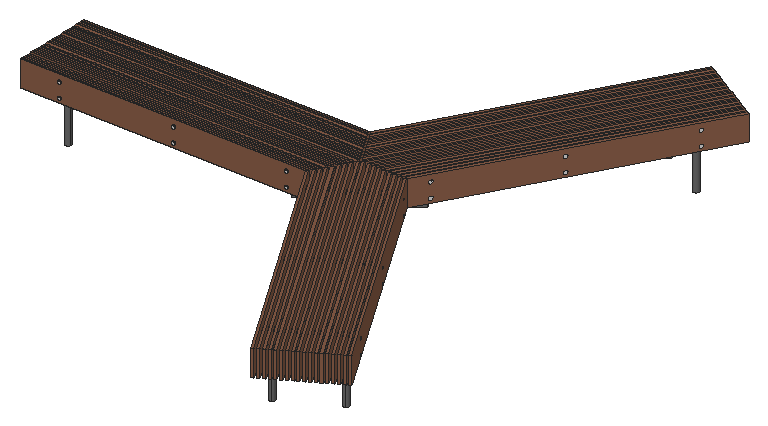
Revit family "FS_Скамейка_Линия трехлучевая_R16", category Антураж, Revit 2016
Family settings
  На основе рабочей плоскости = Нет
  Всегда вертикально = Да
  При загрузке вырезать с полостями = Нет
  Источник визуального образа = Геометрия семейства
  Общий = Нет
  Точка расчета площади = Нет
Parameters (values of type "Скамейка «Линия трехлучевая»")
  Стоимость = 148790
  Комментарии к типоразмеру = "Материал: сталь, брус"  # constant formula
  Изготовитель = "ООО 'Хоббика'"  # constant formula
  Высота = 0 mm  # constant formula
  URL = "https://hobbyka.ru/product/skameyka_liniya_trekhluchevaya/?sphrase_id=96776"
  ADSK_Размер_Ширина = 530 mm  # constant formula
  ADSK_Размер_Длина = 3788 mm  # constant formula
  ADSK_Размер_Высота = 440 mm  # constant formula
  ADSK_Наименование = "Скамейка «Линия трехлучевая»"
  ADSK_Материал опоры = FS_Сталь
  ADSK_Материал крепления = FS_Цинк
  ADSK_Материал доски = FS_Древесина
  ADSK_Код изделия = "12777"  # constant formula
Reference planes
  plane 1 "По центру (Вперед/Назад)": y = 0
  plane 2: z = 0
  plane 3 "По центру (Влево/Вправо)": x = 0
  plane 4: through (0, 0, 1200) normal (-0.866, 0.5, 0)
  plane 5: through (0, 0, 1200) normal (0.866, 0.5, 0)
  plane 6: y = -265
  plane 7: y = 265
  plane 8: through (-229.497, 132.5, 1200) normal (-0.866, 0.5, 0)
  plane 9: through (229.497, -132.5, 1200) normal (-0.866, 0.5, 0)
  plane 10: through (229.497, 132.5, 1200) normal (0.866, 0.5, 0)
  plane 11: through (-229.497, -132.5, 1200) normal (0.866, 0.5, 0)
  plane 12: x = -2035
  plane 13: through (1537.115, 1462.362, 1200) normal (-0.5, -0.866, 0)
  plane 14: through (497.885, -2062.362, 1200) normal (-0.5, 0.866, 0)
  plane 15: through (1407.115, 1237.195, 1200) normal (-0.5, -0.866, 0)
  plane 16: through (367.885, -1837.195, 1200) normal (-0.5, 0.866, 0)
  plane 17: x = -1775
  plane 18: z = 270
  plane 19: z = 440
  plane 20: y = 0
  plane 21: x = -1025
Forms (mm)
  Extrusion 1, solid, material "FS_Сталь" <- "ADSK_Материал опоры"
    sketch origin (0, 0, 270) x (-1, 0, 0) y (0, -1, 0)
      loop
        line (1800, -247) -> (1800, -233) -> (1750, -233) -> (1750, -247) -> (1800, -247)
    from 0 to 145
  Extrusion 2, solid, material "FS_Сталь" <- "ADSK_Материал опоры"
    sketch origin (0, -30, 270) x (-1, 0, 0) y (0, -1, 0)
      loop
        line (1800, -247) -> (1800, -233) -> (1750, -233) -> (1750, -247) -> (1800, -247)
    from 0 to 145
  Extrusion 3, solid, material "FS_Сталь" <- "ADSK_Материал опоры"
    sketch origin (0, -60, 270) x (-1, 0, 0) y (0, -1, 0)
      loop
        line (1800, -247) -> (1800, -233) -> (1750, -233) -> (1750, -247) -> (1800, -247)
    from 0 to 145
  Extrusion 4, solid, material "FS_Сталь" <- "ADSK_Материал опоры"
    sketch origin (0, -90, 270) x (-1, 0, 0) y (0, -1, 0)
      loop
        line (1800, -247) -> (1800, -233) -> (1750, -233) -> (1750, -247) -> (1800, -247)
    from 0 to 145
  Extrusion 5, solid, material "FS_Сталь" <- "ADSK_Материал опоры"
    sketch origin (0, -120, 270) x (-1, 0, 0) y (0, -1, 0)
      loop
        line (1800, -247) -> (1800, -233) -> (1750, -233) -> (1750, -247) -> (1800, -247)
    from 0 to 145
  Extrusion 6, solid, material "FS_Сталь" <- "ADSK_Материал опоры"
    sketch origin (0, -150, 270) x (-1, 0, 0) y (0, -1, 0)
      loop
        line (1800, -247) -> (1800, -233) -> (1750, -233) -> (1750, -247) -> (1800, -247)
    from 0 to 145
  Extrusion 7, solid, material "FS_Сталь" <- "ADSK_Материал опоры"
    sketch origin (0, -180, 270) x (-1, 0, 0) y (0, -1, 0)
      loop
        line (1800, -247) -> (1800, -233) -> (1750, -233) -> (1750, -247) -> (1800, -247)
    from 0 to 145
  Extrusion 8, solid, material "FS_Сталь" <- "ADSK_Материал опоры"
    sketch origin (0, -210, 270) x (-1, 0, 0) y (0, -1, 0)
      loop
        line (1800, -247) -> (1800, -233) -> (1750, -233) -> (1750, -247) -> (1800, -247)
    from 0 to 145
  Extrusion 9, solid, material "FS_Сталь" <- "ADSK_Материал опоры"
    sketch origin (0, -240, 270) x (-1, 0, 0) y (0, -1, 0)
      loop
        line (1800, -247) -> (1800, -233) -> (1750, -233) -> (1750, -247) -> (1800, -247)
    from 0 to 145
  Extrusion 10, solid, material "FS_Сталь" <- "ADSK_Материал опоры"
    sketch origin (0, -270, 270) x (-1, 0, 0) y (0, -1, 0)
      loop
        line (1800, -247) -> (1800, -233) -> (1750, -233) -> (1750, -247) -> (1800, -247)
    from 0 to 145
  Extrusion 11, solid, material "FS_Сталь" <- "ADSK_Материал опоры"
    sketch origin (0, -300, 270) x (-1, 0, 0) y (0, -1, 0)
      loop
        line (1800, -247) -> (1800, -233) -> (1750, -233) -> (1750, -247) -> (1800, -247)
    from 0 to 145
  Extrusion 12, solid, material "FS_Сталь" <- "ADSK_Материал опоры"
    sketch origin (0, -330, 270) x (-1, 0, 0) y (0, -1, 0)
      loop
        line (1800, -247) -> (1800, -233) -> (1750, -233) -> (1750, -247) -> (1800, -247)
    from 0 to 145
  Extrusion 13, solid, material "FS_Сталь" <- "ADSK_Материал опоры"
    sketch origin (0, -360, 270) x (-1, 0, 0) y (0, -1, 0)
      loop
        line (1800, -247) -> (1800, -233) -> (1750, -233) -> (1750, -247) -> (1800, -247)
    from 0 to 145
  Extrusion 14, solid, material "FS_Сталь" <- "ADSK_Материал опоры"
    sketch origin (0, -390, 270) x (-1, 0, 0) y (0, -1, 0)
      loop
        line (1800, -247) -> (1800, -233) -> (1750, -233) -> (1750, -247) -> (1800, -247)
    from 0 to 145
  Extrusion 15, solid, material "FS_Сталь" <- "ADSK_Материал опоры"
    sketch origin (0, -420, 270) x (-1, 0, 0) y (0, -1, 0)
      loop
        line (1800, -247) -> (1800, -233) -> (1750, -233) -> (1750, -247) -> (1800, -247)
    from 0 to 145
  Extrusion 16, solid, material "FS_Сталь" <- "ADSK_Материал опоры"
    sketch origin (0, -450, 270) x (-1, 0, 0) y (0, -1, 0)
      loop
        line (1800, -247) -> (1800, -233) -> (1750, -233) -> (1750, -247) -> (1800, -247)
    from 0 to 145
  Extrusion 17, solid, material "FS_Сталь" <- "ADSK_Материал опоры"
    sketch origin (0, -480, 270) x (-1, 0, 0) y (0, -1, 0)
      loop
        line (1800, -247) -> (1800, -233) -> (1750, -233) -> (1750, -247) -> (1800, -247)
    from 0 to 145
  Extrusion 18, solid, material "FS_Сталь" <- "ADSK_Материал опоры"
    sketch origin (750, 0, 270) x (-1, 0, 0) y (0, -1, 0)
      loop
        line (1800, -247) -> (1800, -233) -> (1750, -233) -> (1750, -247) -> (1800, -247)
    from 0 to 145
  Extrusion 19, solid, material "FS_Сталь" <- "ADSK_Материал опоры"
    sketch origin (750, -30, 270) x (-1, 0, 0) y (0, -1, 0)
      loop
        line (1800, -247) -> (1800, -233) -> (1750, -233) -> (1750, -247) -> (1800, -247)
    from 0 to 145
  Extrusion 20, solid, material "FS_Сталь" <- "ADSK_Материал опоры"
    sketch origin (750, -60, 270) x (-1, 0, 0) y (0, -1, 0)
      loop
        line (1800, -247) -> (1800, -233) -> (1750, -233) -> (1750, -247) -> (1800, -247)
    from 0 to 145
  Extrusion 21, solid, material "FS_Сталь" <- "ADSK_Материал опоры"
    sketch origin (750, -90, 270) x (-1, 0, 0) y (0, -1, 0)
      loop
        line (1800, -247) -> (1800, -233) -> (1750, -233) -> (1750, -247) -> (1800, -247)
    from 0 to 145
  Extrusion 22, solid, material "FS_Сталь" <- "ADSK_Материал опоры"
    sketch origin (750, -120, 270) x (-1, 0, 0) y (0, -1, 0)
      loop
        line (1800, -247) -> (1800, -233) -> (1750, -233) -> (1750, -247) -> (1800, -247)
    from 0 to 145
  Extrusion 23, solid, material "FS_Сталь" <- "ADSK_Материал опоры"
    sketch origin (750, -150, 270) x (-1, 0, 0) y (0, -1, 0)
      loop
        line (1800, -247) -> (1800, -233) -> (1750, -233) -> (1750, -247) -> (1800, -247)
    from 0 to 145
  Extrusion 24, solid, material "FS_Сталь" <- "ADSK_Материал опоры"
    sketch origin (750, -180, 270) x (-1, 0, 0) y (0, -1, 0)
      loop
        line (1800, -247) -> (1800, -233) -> (1750, -233) -> (1750, -247) -> (1800, -247)
    from 0 to 145
  Extrusion 25, solid, material "FS_Сталь" <- "ADSK_Материал опоры"
    sketch origin (750, -210, 270) x (-1, 0, 0) y (0, -1, 0)
      loop
        line (1800, -247) -> (1800, -233) -> (1750, -233) -> (1750, -247) -> (1800, -247)
    from 0 to 145
  Extrusion 26, solid, material "FS_Сталь" <- "ADSK_Материал опоры"
    sketch origin (750, -240, 270) x (-1, 0, 0) y (0, -1, 0)
      loop
        line (1800, -247) -> (1800, -233) -> (1750, -233) -> (1750, -247) -> (1800, -247)
    from 0 to 145
  Extrusion 27, solid, material "FS_Сталь" <- "ADSK_Материал опоры"
    sketch origin (750, -270, 270) x (-1, 0, 0) y (0, -1, 0)
      loop
        line (1800, -247) -> (1800, -233) -> (1750, -233) -> (1750, -247) -> (1800, -247)
    from 0 to 145
  Extrusion 28, solid, material "FS_Сталь" <- "ADSK_Материал опоры"
    sketch origin (750, -300, 270) x (-1, 0, 0) y (0, -1, 0)
      loop
        line (1800, -247) -> (1800, -233) -> (1750, -233) -> (1750, -247) -> (1800, -247)
    from 0 to 145
  Extrusion 29, solid, material "FS_Сталь" <- "ADSK_Материал опоры"
    sketch origin (750, -330, 270) x (-1, 0, 0) y (0, -1, 0)
      loop
        line (1800, -247) -> (1800, -233) -> (1750, -233) -> (1750, -247) -> (1800, -247)
    from 0 to 145
  Extrusion 30, solid, material "FS_Сталь" <- "ADSK_Материал опоры"
    sketch origin (750, -360, 270) x (-1, 0, 0) y (0, -1, 0)
      loop
        line (1800, -247) -> (1800, -233) -> (1750, -233) -> (1750, -247) -> (1800, -247)
    from 0 to 145
  Extrusion 31, solid, material "FS_Сталь" <- "ADSK_Материал опоры"
    sketch origin (750, -390, 270) x (-1, 0, 0) y (0, -1, 0)
      loop
        line (1800, -247) -> (1800, -233) -> (1750, -233) -> (1750, -247) -> (1800, -247)
    from 0 to 145
  Extrusion 32, solid, material "FS_Сталь" <- "ADSK_Материал опоры"
    sketch origin (750, -420, 270) x (-1, 0, 0) y (0, -1, 0)
      loop
        line (1800, -247) -> (1800, -233) -> (1750, -233) -> (1750, -247) -> (1800, -247)
    from 0 to 145
  Extrusion 33, solid, material "FS_Сталь" <- "ADSK_Материал опоры"
    sketch origin (750, -450, 270) x (-1, 0, 0) y (0, -1, 0)
      loop
        line (1800, -247) -> (1800, -233) -> (1750, -233) -> (1750, -247) -> (1800, -247)
    from 0 to 145
  Extrusion 34, solid, material "FS_Сталь" <- "ADSK_Материал опоры"
    sketch origin (750, -480, 270) x (-1, 0, 0) y (0, -1, 0)
      loop
        line (1800, -247) -> (1800, -233) -> (1750, -233) -> (1750, -247) -> (1800, -247)
    from 0 to 145
  Extrusion 35, solid, material "FS_Сталь" <- "ADSK_Материал опоры"
    sketch origin (1495, 0, 270) x (-1, 0, 0) y (0, -1, 0)
      loop
        line (1800, -247) -> (1800, -233) -> (1750, -233) -> (1750, -247) -> (1800, -247)
    from 0 to 145
  Extrusion 36, solid, material "FS_Сталь" <- "ADSK_Материал опоры"
    sketch origin (1495, -30, 270) x (-1, 0, 0) y (0, -1, 0)
      loop
        line (1800, -247) -> (1800, -233) -> (1750, -233) -> (1750, -247) -> (1800, -247)
    from 0 to 145
  Extrusion 37, solid, material "FS_Сталь" <- "ADSK_Материал опоры"
    sketch origin (1495, -60, 270) x (-1, 0, 0) y (0, -1, 0)
      loop
        line (1800, -247) -> (1800, -233) -> (1750, -233) -> (1750, -247) -> (1800, -247)
    from 0 to 145
  Extrusion 38, solid, material "FS_Сталь" <- "ADSK_Материал опоры"
    sketch origin (1495, -90, 270) x (-1, 0, 0) y (0, -1, 0)
      loop
        line (1800, -247) -> (1800, -233) -> (1750, -233) -> (1750, -247) -> (1800, -247)
    from 0 to 145
  Extrusion 39, solid, material "FS_Сталь" <- "ADSK_Материал опоры"
    sketch origin (1495, -120, 270) x (-1, 0, 0) y (0, -1, 0)
      loop
        line (1800, -247) -> (1800, -233) -> (1750, -233) -> (1750, -247) -> (1800, -247)
    from 0 to 145
  Extrusion 40, solid, material "FS_Сталь" <- "ADSK_Материал опоры"
    sketch origin (1495, -150, 270) x (-1, 0, 0) y (0, -1, 0)
      loop
        line (1800, -247) -> (1800, -233) -> (1750, -233) -> (1750, -247) -> (1800, -247)
    from 0 to 145
  Extrusion 41, solid, material "FS_Сталь" <- "ADSK_Материал опоры"
    sketch origin (1495, -180, 270) x (-1, 0, 0) y (0, -1, 0)
      loop
        line (1800, -247) -> (1800, -233) -> (1750, -233) -> (1750, -247) -> (1800, -247)
    from 0 to 145
  Extrusion 42, solid, material "FS_Сталь" <- "ADSK_Материал опоры"
    sketch origin (1495, -210, 270) x (-1, 0, 0) y (0, -1, 0)
      loop
        line (1800, -247) -> (1800, -233) -> (1750, -233) -> (1750, -247) -> (1800, -247)
    from 0 to 145
  Extrusion 43, solid, material "FS_Сталь" <- "ADSK_Материал опоры"
    sketch origin (1495, -240, 270) x (-1, 0, 0) y (0, -1, 0)
      loop
        line (1800, -247) -> (1800, -233) -> (1750, -233) -> (1750, -247) -> (1800, -247)
    from 0 to 145
  Extrusion 44, solid, material "FS_Сталь" <- "ADSK_Материал опоры"
    sketch origin (1495, -270, 270) x (-1, 0, 0) y (0, -1, 0)
      loop
        line (1800, -247) -> (1800, -233) -> (1750, -233) -> (1750, -247) -> (1800, -247)
    from 0 to 145
  Extrusion 45, solid, material "FS_Сталь" <- "ADSK_Материал опоры"
    sketch origin (1495, -300, 270) x (-1, 0, 0) y (0, -1, 0)
      loop
        line (1800, -247) -> (1800, -233) -> (1750, -233) -> (1750, -247) -> (1800, -247)
    from 0 to 145
  Extrusion 46, solid, material "FS_Сталь" <- "ADSK_Материал опоры"
    sketch origin (1495, -330, 270) x (-1, 0, 0) y (0, -1, 0)
      loop
        line (1800, -247) -> (1800, -233) -> (1750, -233) -> (1750, -247) -> (1800, -247)
    from 0 to 145
  Extrusion 47, solid, material "FS_Сталь" <- "ADSK_Материал опоры"
    sketch origin (1495, -360, 270) x (-1, 0, 0) y (0, -1, 0)
      loop
        line (1800, -247) -> (1800, -233) -> (1750, -233) -> (1750, -247) -> (1800, -247)
    from 0 to 145
  Extrusion 48, solid, material "FS_Сталь" <- "ADSK_Материал опоры"
    sketch origin (1495, -390, 270) x (-1, 0, 0) y (0, -1, 0)
      loop
        line (1800, -247) -> (1800, -233) -> (1750, -233) -> (1750, -247) -> (1800, -247)
    from 0 to 145
  Extrusion 49, solid, material "FS_Сталь" <- "ADSK_Материал опоры"
    sketch origin (1495, -420, 270) x (-1, 0, 0) y (0, -1, 0)
      loop
        line (1800, -247) -> (1800, -233) -> (1750, -233) -> (1750, -247) -> (1800, -247)
    from 0 to 145
  Extrusion 50, solid, material "FS_Сталь" <- "ADSK_Материал опоры"
    sketch origin (1495, -450, 270) x (-1, 0, 0) y (0, -1, 0)
      loop
        line (1800, -247) -> (1800, -233) -> (1750, -233) -> (1750, -247) -> (1800, -247)
    from 0 to 145
  Extrusion 51, solid, material "FS_Сталь" <- "ADSK_Материал опоры"
    sketch origin (1495, -480, 270) x (-1, 0, 0) y (0, -1, 0)
      loop
        line (1800, -247) -> (1800, -233) -> (1750, -233) -> (1750, -247) -> (1800, -247)
    from 0 to 145
  Extrusion 52, solid, material "FS_Сталь" <- "ADSK_Материал опоры", not visible
    sketch origin (0, 0, 270) x (-1, 0, 0) y (0, -1, 0)
      loop
        line (1800, -247) -> (1800, -233) -> (1750, -233) -> (1750, -247) -> (1800, -247)
    from 0 to 145
  Extrusion 53, solid, material "FS_Сталь" <- "ADSK_Материал опоры"
    sketch origin (0, 0, 270) x (0.5, 0.866025, 0) y (-0.866025, 0.5, 0)
      loop
        line (1800, -247) -> (1800, -233) -> (1750, -233) -> (1750, -247) -> (1800, -247)
    from 0 to 145
  Extrusion 54, solid, material "FS_Сталь" <- "ADSK_Материал опоры"
    sketch origin (-25.981, 15, 270) x (0.5, 0.866025, 0) y (-0.866025, 0.5, 0)
      loop
        line (1800, -247) -> (1800, -233) -> (1750, -233) -> (1750, -247) -> (1800, -247)
    from 0 to 145
  Extrusion 55, solid, material "FS_Сталь" <- "ADSK_Материал опоры"
    sketch origin (-51.962, 30, 270) x (0.5, 0.866025, 0) y (-0.866025, 0.5, 0)
      loop
        line (1800, -247) -> (1800, -233) -> (1750, -233) -> (1750, -247) -> (1800, -247)
    from 0 to 145
  Extrusion 56, solid, material "FS_Сталь" <- "ADSK_Материал опоры"
    sketch origin (-77.942, 45, 270) x (0.5, 0.866025, 0) y (-0.866025, 0.5, 0)
      loop
        line (1800, -247) -> (1800, -233) -> (1750, -233) -> (1750, -247) -> (1800, -247)
    from 0 to 145
  Extrusion 57, solid, material "FS_Сталь" <- "ADSK_Материал опоры"
    sketch origin (-103.923, 60, 270) x (0.5, 0.866025, 0) y (-0.866025, 0.5, 0)
      loop
        line (1800, -247) -> (1800, -233) -> (1750, -233) -> (1750, -247) -> (1800, -247)
    from 0 to 145
  Extrusion 58, solid, material "FS_Сталь" <- "ADSK_Материал опоры"
    sketch origin (-129.904, 75, 270) x (0.5, 0.866025, 0) y (-0.866025, 0.5, 0)
      loop
        line (1800, -247) -> (1800, -233) -> (1750, -233) -> (1750, -247) -> (1800, -247)
    from 0 to 145
  Extrusion 59, solid, material "FS_Сталь" <- "ADSK_Материал опоры"
    sketch origin (-155.885, 90, 270) x (0.5, 0.866025, 0) y (-0.866025, 0.5, 0)
      loop
        line (1800, -247) -> (1800, -233) -> (1750, -233) -> (1750, -247) -> (1800, -247)
    from 0 to 145
  Extrusion 60, solid, material "FS_Сталь" <- "ADSK_Материал опоры"
    sketch origin (-181.865, 105, 270) x (0.5, 0.866025, 0) y (-0.866025, 0.5, 0)
      loop
        line (1800, -247) -> (1800, -233) -> (1750, -233) -> (1750, -247) -> (1800, -247)
    from 0 to 145
  Extrusion 61, solid, material "FS_Сталь" <- "ADSK_Материал опоры"
    sketch origin (-207.846, 120, 270) x (0.5, 0.866025, 0) y (-0.866025, 0.5, 0)
      loop
        line (1800, -247) -> (1800, -233) -> (1750, -233) -> (1750, -247) -> (1800, -247)
    from 0 to 145
  Extrusion 62, solid, material "FS_Сталь" <- "ADSK_Материал опоры"
    sketch origin (-233.827, 135, 270) x (0.5, 0.866025, 0) y (-0.866025, 0.5, 0)
      loop
        line (1800, -247) -> (1800, -233) -> (1750, -233) -> (1750, -247) -> (1800, -247)
    from 0 to 145
  Extrusion 63, solid, material "FS_Сталь" <- "ADSK_Материал опоры"
    sketch origin (-259.808, 150, 270) x (0.5, 0.866025, 0) y (-0.866025, 0.5, 0)
      loop
        line (1800, -247) -> (1800, -233) -> (1750, -233) -> (1750, -247) -> (1800, -247)
    from 0 to 145
  Extrusion 64, solid, material "FS_Сталь" <- "ADSK_Материал опоры"
    sketch origin (-285.788, 165, 270) x (0.5, 0.866025, 0) y (-0.866025, 0.5, 0)
      loop
        line (1800, -247) -> (1800, -233) -> (1750, -233) -> (1750, -247) -> (1800, -247)
    from 0 to 145
  Extrusion 65, solid, material "FS_Сталь" <- "ADSK_Материал опоры"
    sketch origin (-311.769, 180, 270) x (0.5, 0.866025, 0) y (-0.866025, 0.5, 0)
      loop
        line (1800, -247) -> (1800, -233) -> (1750, -233) -> (1750, -247) -> (1800, -247)
    from 0 to 145
  Extrusion 66, solid, material "FS_Сталь" <- "ADSK_Материал опоры"
    sketch origin (-337.75, 195, 270) x (0.5, 0.866025, 0) y (-0.866025, 0.5, 0)
      loop
        line (1800, -247) -> (1800, -233) -> (1750, -233) -> (1750, -247) -> (1800, -247)
    from 0 to 145
  Extrusion 67, solid, material "FS_Сталь" <- "ADSK_Материал опоры"
    sketch origin (-363.731, 210, 270) x (0.5, 0.866025, 0) y (-0.866025, 0.5, 0)
      loop
        line (1800, -247) -> (1800, -233) -> (1750, -233) -> (1750, -247) -> (1800, -247)
    from 0 to 145
  Extrusion 68, solid, material "FS_Сталь" <- "ADSK_Материал опоры"
    sketch origin (-389.711, 225, 270) x (0.5, 0.866025, 0) y (-0.866025, 0.5, 0)
      loop
        line (1800, -247) -> (1800, -233) -> (1750, -233) -> (1750, -247) -> (1800, -247)
    from 0 to 145
  Extrusion 69, solid, material "FS_Сталь" <- "ADSK_Материал опоры"
    sketch origin (-415.692, 240, 270) x (0.5, 0.866025, 0) y (-0.866025, 0.5, 0)
      loop
        line (1800, -247) -> (1800, -233) -> (1750, -233) -> (1750, -247) -> (1800, -247)
    from 0 to 145
  Extrusion 70, solid, material "FS_Сталь" <- "ADSK_Материал опоры"
    sketch origin (-375, -649.519, 270) x (0.5, 0.866025, 0) y (-0.866025, 0.5, 0)
      loop
        line (1800, -247) -> (1800, -233) -> (1750, -233) -> (1750, -247) -> (1800, -247)
    from 0 to 145
  Extrusion 71, solid, material "FS_Сталь" <- "ADSK_Материал опоры"
    sketch origin (-400.981, -634.519, 270) x (0.5, 0.866025, 0) y (-0.866025, 0.5, 0)
      loop
        line (1800, -247) -> (1800, -233) -> (1750, -233) -> (1750, -247) -> (1800, -247)
    from 0 to 145
  Extrusion 72, solid, material "FS_Сталь" <- "ADSK_Материал опоры"
    sketch origin (-426.962, -619.519, 270) x (0.5, 0.866025, 0) y (-0.866025, 0.5, 0)
      loop
        line (1800, -247) -> (1800, -233) -> (1750, -233) -> (1750, -247) -> (1800, -247)
    from 0 to 145
  Extrusion 73, solid, material "FS_Сталь" <- "ADSK_Материал опоры"
    sketch origin (-452.942, -604.519, 270) x (0.5, 0.866025, 0) y (-0.866025, 0.5, 0)
      loop
        line (1800, -247) -> (1800, -233) -> (1750, -233) -> (1750, -247) -> (1800, -247)
    from 0 to 145
  Extrusion 74, solid, material "FS_Сталь" <- "ADSK_Материал опоры"
    sketch origin (-478.923, -589.519, 270) x (0.5, 0.866025, 0) y (-0.866025, 0.5, 0)
      loop
        line (1800, -247) -> (1800, -233) -> (1750, -233) -> (1750, -247) -> (1800, -247)
    from 0 to 145
  Extrusion 75, solid, material "FS_Сталь" <- "ADSK_Материал опоры"
    sketch origin (-504.904, -574.519, 270) x (0.5, 0.866025, 0) y (-0.866025, 0.5, 0)
      loop
        line (1800, -247) -> (1800, -233) -> (1750, -233) -> (1750, -247) -> (1800, -247)
    from 0 to 145
  Extrusion 76, solid, material "FS_Сталь" <- "ADSK_Материал опоры"
    sketch origin (-530.885, -559.519, 270) x (0.5, 0.866025, 0) y (-0.866025, 0.5, 0)
      loop
        line (1800, -247) -> (1800, -233) -> (1750, -233) -> (1750, -247) -> (1800, -247)
    from 0 to 145
  Extrusion 77, solid, material "FS_Сталь" <- "ADSK_Материал опоры"
    sketch origin (-556.865, -544.519, 270) x (0.5, 0.866025, 0) y (-0.866025, 0.5, 0)
      loop
        line (1800, -247) -> (1800, -233) -> (1750, -233) -> (1750, -247) -> (1800, -247)
    from 0 to 145
  Extrusion 78, solid, material "FS_Сталь" <- "ADSK_Материал опоры"
    sketch origin (-582.846, -529.519, 270) x (0.5, 0.866025, 0) y (-0.866025, 0.5, 0)
      loop
        line (1800, -247) -> (1800, -233) -> (1750, -233) -> (1750, -247) -> (1800, -247)
    from 0 to 145
  Extrusion 79, solid, material "FS_Сталь" <- "ADSK_Материал опоры"
    sketch origin (-608.827, -514.519, 270) x (0.5, 0.866025, 0) y (-0.866025, 0.5, 0)
      loop
        line (1800, -247) -> (1800, -233) -> (1750, -233) -> (1750, -247) -> (1800, -247)
    from 0 to 145
  Extrusion 80, solid, material "FS_Сталь" <- "ADSK_Материал опоры"
    sketch origin (-634.808, -499.519, 270) x (0.5, 0.866025, 0) y (-0.866025, 0.5, 0)
      loop
        line (1800, -247) -> (1800, -233) -> (1750, -233) -> (1750, -247) -> (1800, -247)
    from 0 to 145
  Extrusion 81, solid, material "FS_Сталь" <- "ADSK_Материал опоры"
    sketch origin (-660.788, -484.519, 270) x (0.5, 0.866025, 0) y (-0.866025, 0.5, 0)
      loop
        line (1800, -247) -> (1800, -233) -> (1750, -233) -> (1750, -247) -> (1800, -247)
    from 0 to 145
  Extrusion 82, solid, material "FS_Сталь" <- "ADSK_Материал опоры"
    sketch origin (-686.769, -469.519, 270) x (0.5, 0.866025, 0) y (-0.866025, 0.5, 0)
      loop
        line (1800, -247) -> (1800, -233) -> (1750, -233) -> (1750, -247) -> (1800, -247)
    from 0 to 145
  Extrusion 83, solid, material "FS_Сталь" <- "ADSK_Материал опоры"
    sketch origin (-712.75, -454.519, 270) x (0.5, 0.866025, 0) y (-0.866025, 0.5, 0)
      loop
        line (1800, -247) -> (1800, -233) -> (1750, -233) -> (1750, -247) -> (1800, -247)
    from 0 to 145
  Extrusion 84, solid, material "FS_Сталь" <- "ADSK_Материал опоры"
    sketch origin (-738.731, -439.519, 270) x (0.5, 0.866025, 0) y (-0.866025, 0.5, 0)
      loop
        line (1800, -247) -> (1800, -233) -> (1750, -233) -> (1750, -247) -> (1800, -247)
    from 0 to 145
  Extrusion 85, solid, material "FS_Сталь" <- "ADSK_Материал опоры"
    sketch origin (-764.711, -424.519, 270) x (0.5, 0.866025, 0) y (-0.866025, 0.5, 0)
      loop
        line (1800, -247) -> (1800, -233) -> (1750, -233) -> (1750, -247) -> (1800, -247)
    from 0 to 145
  Extrusion 86, solid, material "FS_Сталь" <- "ADSK_Материал опоры"
    sketch origin (-790.692, -409.519, 270) x (0.5, 0.866025, 0) y (-0.866025, 0.5, 0)
      loop
        line (1800, -247) -> (1800, -233) -> (1750, -233) -> (1750, -247) -> (1800, -247)
    from 0 to 145
  Extrusion 87, solid, material "FS_Сталь" <- "ADSK_Материал опоры"
    sketch origin (-747.5, -1294.708, 270) x (0.5, 0.866025, 0) y (-0.866025, 0.5, 0)
      loop
        line (1800, -247) -> (1800, -233) -> (1750, -233) -> (1750, -247) -> (1800, -247)
    from 0 to 145
  Extrusion 88, solid, material "FS_Сталь" <- "ADSK_Материал опоры"
    sketch origin (-773.481, -1279.708, 270) x (0.5, 0.866025, 0) y (-0.866025, 0.5, 0)
      loop
        line (1800, -247) -> (1800, -233) -> (1750, -233) -> (1750, -247) -> (1800, -247)
    from 0 to 145
  Extrusion 89, solid, material "FS_Сталь" <- "ADSK_Материал опоры"
    sketch origin (-799.462, -1264.708, 270) x (0.5, 0.866025, 0) y (-0.866025, 0.5, 0)
      loop
        line (1800, -247) -> (1800, -233) -> (1750, -233) -> (1750, -247) -> (1800, -247)
    from 0 to 145
  Extrusion 90, solid, material "FS_Сталь" <- "ADSK_Материал опоры"
    sketch origin (-825.442, -1249.708, 270) x (0.5, 0.866025, 0) y (-0.866025, 0.5, 0)
      loop
        line (1800, -247) -> (1800, -233) -> (1750, -233) -> (1750, -247) -> (1800, -247)
    from 0 to 145
  Extrusion 91, solid, material "FS_Сталь" <- "ADSK_Материал опоры"
    sketch origin (-851.423, -1234.708, 270) x (0.5, 0.866025, 0) y (-0.866025, 0.5, 0)
      loop
        line (1800, -247) -> (1800, -233) -> (1750, -233) -> (1750, -247) -> (1800, -247)
    from 0 to 145
  Extrusion 92, solid, material "FS_Сталь" <- "ADSK_Материал опоры"
    sketch origin (-877.404, -1219.708, 270) x (0.5, 0.866025, 0) y (-0.866025, 0.5, 0)
      loop
        line (1800, -247) -> (1800, -233) -> (1750, -233) -> (1750, -247) -> (1800, -247)
    from 0 to 145
  Extrusion 93, solid, material "FS_Сталь" <- "ADSK_Материал опоры"
    sketch origin (-903.385, -1204.708, 270) x (0.5, 0.866025, 0) y (-0.866025, 0.5, 0)
      loop
        line (1800, -247) -> (1800, -233) -> (1750, -233) -> (1750, -247) -> (1800, -247)
    from 0 to 145
  Extrusion 94, solid, material "FS_Сталь" <- "ADSK_Материал опоры"
    sketch origin (-929.365, -1189.708, 270) x (0.5, 0.866025, 0) y (-0.866025, 0.5, 0)
      loop
        line (1800, -247) -> (1800, -233) -> (1750, -233) -> (1750, -247) -> (1800, -247)
    from 0 to 145
  Extrusion 95, solid, material "FS_Сталь" <- "ADSK_Материал опоры"
    sketch origin (-955.346, -1174.708, 270) x (0.5, 0.866025, 0) y (-0.866025, 0.5, 0)
      loop
        line (1800, -247) -> (1800, -233) -> (1750, -233) -> (1750, -247) -> (1800, -247)
    from 0 to 145
  Extrusion 96, solid, material "FS_Сталь" <- "ADSK_Материал опоры"
    sketch origin (-981.327, -1159.708, 270) x (0.5, 0.866025, 0) y (-0.866025, 0.5, 0)
      loop
        line (1800, -247) -> (1800, -233) -> (1750, -233) -> (1750, -247) -> (1800, -247)
    from 0 to 145
  Extrusion 97, solid, material "FS_Сталь" <- "ADSK_Материал опоры"
    sketch origin (-1007.308, -1144.708, 270) x (0.5, 0.866025, 0) y (-0.866025, 0.5, 0)
      loop
        line (1800, -247) -> (1800, -233) -> (1750, -233) -> (1750, -247) -> (1800, -247)
    from 0 to 145
  Extrusion 98, solid, material "FS_Сталь" <- "ADSK_Материал опоры"
    sketch origin (-1033.288, -1129.708, 270) x (0.5, 0.866025, 0) y (-0.866025, 0.5, 0)
      loop
        line (1800, -247) -> (1800, -233) -> (1750, -233) -> (1750, -247) -> (1800, -247)
    from 0 to 145
  Extrusion 99, solid, material "FS_Сталь" <- "ADSK_Материал опоры"
    sketch origin (-1059.269, -1114.708, 270) x (0.5, 0.866025, 0) y (-0.866025, 0.5, 0)
      loop
        line (1800, -247) -> (1800, -233) -> (1750, -233) -> (1750, -247) -> (1800, -247)
    from 0 to 145
  Extrusion 100, solid, material "FS_Сталь" <- "ADSK_Материал опоры"
    sketch origin (-1085.25, -1099.708, 270) x (0.5, 0.866025, 0) y (-0.866025, 0.5, 0)
      loop
        line (1800, -247) -> (1800, -233) -> (1750, -233) -> (1750, -247) -> (1800, -247)
    from 0 to 145
  Extrusion 101, solid, material "FS_Сталь" <- "ADSK_Материал опоры"
    sketch origin (-1111.231, -1084.708, 270) x (0.5, 0.866025, 0) y (-0.866025, 0.5, 0)
      loop
        line (1800, -247) -> (1800, -233) -> (1750, -233) -> (1750, -247) -> (1800, -247)
    from 0 to 145
  Extrusion 102, solid, material "FS_Сталь" <- "ADSK_Материал опоры"
    sketch origin (-1137.211, -1069.708, 270) x (0.5, 0.866025, 0) y (-0.866025, 0.5, 0)
      loop
        line (1800, -247) -> (1800, -233) -> (1750, -233) -> (1750, -247) -> (1800, -247)
    from 0 to 145
  Extrusion 103, solid, material "FS_Сталь" <- "ADSK_Материал опоры"
    sketch origin (-1163.192, -1054.708, 270) x (0.5, 0.866025, 0) y (-0.866025, 0.5, 0)
      loop
        line (1800, -247) -> (1800, -233) -> (1750, -233) -> (1750, -247) -> (1800, -247)
    from 0 to 145
  Extrusion 104, solid, material "FS_Сталь" <- "ADSK_Материал опоры"
    sketch origin (0, 0, 270) x (0.5, -0.866025, 0) y (0.866025, 0.5, 0)
      loop
        line (1800, -247) -> (1800, -233) -> (1750, -233) -> (1750, -247) -> (1800, -247)
    from 0 to 145
  Extrusion 105, solid, material "FS_Сталь" <- "ADSK_Материал опоры"
    sketch origin (25.981, 15, 270) x (0.5, -0.866025, 0) y (0.866025, 0.5, 0)
      loop
        line (1800, -247) -> (1800, -233) -> (1750, -233) -> (1750, -247) -> (1800, -247)
    from 0 to 145
  Extrusion 106, solid, material "FS_Сталь" <- "ADSK_Материал опоры"
    sketch origin (51.962, 30, 270) x (0.5, -0.866025, 0) y (0.866025, 0.5, 0)
      loop
        line (1800, -247) -> (1800, -233) -> (1750, -233) -> (1750, -247) -> (1800, -247)
    from 0 to 145
  Extrusion 107, solid, material "FS_Сталь" <- "ADSK_Материал опоры"
    sketch origin (77.942, 45, 270) x (0.5, -0.866025, 0) y (0.866025, 0.5, 0)
      loop
        line (1800, -247) -> (1800, -233) -> (1750, -233) -> (1750, -247) -> (1800, -247)
    from 0 to 145
  Extrusion 108, solid, material "FS_Сталь" <- "ADSK_Материал опоры"
    sketch origin (103.923, 60, 270) x (0.5, -0.866025, 0) y (0.866025, 0.5, 0)
      loop
        line (1800, -247) -> (1800, -233) -> (1750, -233) -> (1750, -247) -> (1800, -247)
    from 0 to 145
  Extrusion 109, solid, material "FS_Сталь" <- "ADSK_Материал опоры"
    sketch origin (129.904, 75, 270) x (0.5, -0.866025, 0) y (0.866025, 0.5, 0)
      loop
        line (1800, -247) -> (1800, -233) -> (1750, -233) -> (1750, -247) -> (1800, -247)
    from 0 to 145
  Extrusion 110, solid, material "FS_Сталь" <- "ADSK_Материал опоры"
    sketch origin (155.885, 90, 270) x (0.5, -0.866025, 0) y (0.866025, 0.5, 0)
      loop
        line (1800, -247) -> (1800, -233) -> (1750, -233) -> (1750, -247) -> (1800, -247)
    from 0 to 145
  Extrusion 111, solid, material "FS_Сталь" <- "ADSK_Материал опоры"
    sketch origin (181.865, 105, 270) x (0.5, -0.866025, 0) y (0.866025, 0.5, 0)
      loop
        line (1800, -247) -> (1800, -233) -> (1750, -233) -> (1750, -247) -> (1800, -247)
    from 0 to 145
  Extrusion 112, solid, material "FS_Сталь" <- "ADSK_Материал опоры"
    sketch origin (207.846, 120, 270) x (0.5, -0.866025, 0) y (0.866025, 0.5, 0)
      loop
        line (1800, -247) -> (1800, -233) -> (1750, -233) -> (1750, -247) -> (1800, -247)
    from 0 to 145
  Extrusion 113, solid, material "FS_Сталь" <- "ADSK_Материал опоры"
    sketch origin (233.827, 135, 270) x (0.5, -0.866025, 0) y (0.866025, 0.5, 0)
      loop
        line (1800, -247) -> (1800, -233) -> (1750, -233) -> (1750, -247) -> (1800, -247)
    from 0 to 145
  Extrusion 114, solid, material "FS_Сталь" <- "ADSK_Материал опоры"
    sketch origin (259.808, 150, 270) x (0.5, -0.866025, 0) y (0.866025, 0.5, 0)
      loop
        line (1800, -247) -> (1800, -233) -> (1750, -233) -> (1750, -247) -> (1800, -247)
    from 0 to 145
  Extrusion 115, solid, material "FS_Сталь" <- "ADSK_Материал опоры"
    sketch origin (285.788, 165, 270) x (0.5, -0.866025, 0) y (0.866025, 0.5, 0)
      loop
        line (1800, -247) -> (1800, -233) -> (1750, -233) -> (1750, -247) -> (1800, -247)
    from 0 to 145
  Extrusion 116, solid, material "FS_Сталь" <- "ADSK_Материал опоры"
    sketch origin (311.769, 180, 270) x (0.5, -0.866025, 0) y (0.866025, 0.5, 0)
      loop
        line (1800, -247) -> (1800, -233) -> (1750, -233) -> (1750, -247) -> (1800, -247)
    from 0 to 145
  Extrusion 117, solid, material "FS_Сталь" <- "ADSK_Материал опоры"
    sketch origin (337.75, 195, 270) x (0.5, -0.866025, 0) y (0.866025, 0.5, 0)
      loop
        line (1800, -247) -> (1800, -233) -> (1750, -233) -> (1750, -247) -> (1800, -247)
    from 0 to 145
  Extrusion 118, solid, material "FS_Сталь" <- "ADSK_Материал опоры"
    sketch origin (363.731, 210, 270) x (0.5, -0.866025, 0) y (0.866025, 0.5, 0)
      loop
        line (1800, -247) -> (1800, -233) -> (1750, -233) -> (1750, -247) -> (1800, -247)
    from 0 to 145
  Extrusion 119, solid, material "FS_Сталь" <- "ADSK_Материал опоры"
    sketch origin (389.711, 225, 270) x (0.5, -0.866025, 0) y (0.866025, 0.5, 0)
      loop
        line (1800, -247) -> (1800, -233) -> (1750, -233) -> (1750, -247) -> (1800, -247)
    from 0 to 145
  Extrusion 120, solid, material "FS_Сталь" <- "ADSK_Материал опоры"
    sketch origin (415.692, 240, 270) x (0.5, -0.866025, 0) y (0.866025, 0.5, 0)
      loop
        line (1800, -247) -> (1800, -233) -> (1750, -233) -> (1750, -247) -> (1800, -247)
    from 0 to 145
  Extrusion 121, solid, material "FS_Сталь" <- "ADSK_Материал опоры"
    sketch origin (-375, 649.519, 270) x (0.5, -0.866025, 0) y (0.866025, 0.5, 0)
      loop
        line (1800, -247) -> (1800, -233) -> (1750, -233) -> (1750, -247) -> (1800, -247)
    from 0 to 145
  Extrusion 122, solid, material "FS_Сталь" <- "ADSK_Материал опоры"
    sketch origin (-349.019, 664.519, 270) x (0.5, -0.866025, 0) y (0.866025, 0.5, 0)
      loop
        line (1800, -247) -> (1800, -233) -> (1750, -233) -> (1750, -247) -> (1800, -247)
    from 0 to 145
  Extrusion 123, solid, material "FS_Сталь" <- "ADSK_Материал опоры"
    sketch origin (-323.038, 679.519, 270) x (0.5, -0.866025, 0) y (0.866025, 0.5, 0)
      loop
        line (1800, -247) -> (1800, -233) -> (1750, -233) -> (1750, -247) -> (1800, -247)
    from 0 to 145
  Extrusion 124, solid, material "FS_Сталь" <- "ADSK_Материал опоры"
    sketch origin (-297.058, 694.519, 270) x (0.5, -0.866025, 0) y (0.866025, 0.5, 0)
      loop
        line (1800, -247) -> (1800, -233) -> (1750, -233) -> (1750, -247) -> (1800, -247)
    from 0 to 145
  Extrusion 125, solid, material "FS_Сталь" <- "ADSK_Материал опоры"
    sketch origin (-271.077, 709.519, 270) x (0.5, -0.866025, 0) y (0.866025, 0.5, 0)
      loop
        line (1800, -247) -> (1800, -233) -> (1750, -233) -> (1750, -247) -> (1800, -247)
    from 0 to 145
  Extrusion 126, solid, material "FS_Сталь" <- "ADSK_Материал опоры"
    sketch origin (-245.096, 724.519, 270) x (0.5, -0.866025, 0) y (0.866025, 0.5, 0)
      loop
        line (1800, -247) -> (1800, -233) -> (1750, -233) -> (1750, -247) -> (1800, -247)
    from 0 to 145
  Extrusion 127, solid, material "FS_Сталь" <- "ADSK_Материал опоры"
    sketch origin (-219.115, 739.519, 270) x (0.5, -0.866025, 0) y (0.866025, 0.5, 0)
      loop
        line (1800, -247) -> (1800, -233) -> (1750, -233) -> (1750, -247) -> (1800, -247)
    from 0 to 145
  Extrusion 128, solid, material "FS_Сталь" <- "ADSK_Материал опоры"
    sketch origin (-193.135, 754.519, 270) x (0.5, -0.866025, 0) y (0.866025, 0.5, 0)
      loop
        line (1800, -247) -> (1800, -233) -> (1750, -233) -> (1750, -247) -> (1800, -247)
    from 0 to 145
  Extrusion 129, solid, material "FS_Сталь" <- "ADSK_Материал опоры"
    sketch origin (-167.154, 769.519, 270) x (0.5, -0.866025, 0) y (0.866025, 0.5, 0)
      loop
        line (1800, -247) -> (1800, -233) -> (1750, -233) -> (1750, -247) -> (1800, -247)
    from 0 to 145
  Extrusion 130, solid, material "FS_Сталь" <- "ADSK_Материал опоры"
    sketch origin (-141.173, 784.519, 270) x (0.5, -0.866025, 0) y (0.866025, 0.5, 0)
      loop
        line (1800, -247) -> (1800, -233) -> (1750, -233) -> (1750, -247) -> (1800, -247)
    from 0 to 145
  Extrusion 131, solid, material "FS_Сталь" <- "ADSK_Материал опоры"
    sketch origin (-115.192, 799.519, 270) x (0.5, -0.866025, 0) y (0.866025, 0.5, 0)
      loop
        line (1800, -247) -> (1800, -233) -> (1750, -233) -> (1750, -247) -> (1800, -247)
    from 0 to 145
  Extrusion 132, solid, material "FS_Сталь" <- "ADSK_Материал опоры"
    sketch origin (-89.212, 814.519, 270) x (0.5, -0.866025, 0) y (0.866025, 0.5, 0)
      loop
        line (1800, -247) -> (1800, -233) -> (1750, -233) -> (1750, -247) -> (1800, -247)
    from 0 to 145
  Extrusion 133, solid, material "FS_Сталь" <- "ADSK_Материал опоры"
    sketch origin (-63.231, 829.519, 270) x (0.5, -0.866025, 0) y (0.866025, 0.5, 0)
      loop
        line (1800, -247) -> (1800, -233) -> (1750, -233) -> (1750, -247) -> (1800, -247)
    from 0 to 145
  Extrusion 134, solid, material "FS_Сталь" <- "ADSK_Материал опоры"
    sketch origin (-37.25, 844.519, 270) x (0.5, -0.866025, 0) y (0.866025, 0.5, 0)
      loop
        line (1800, -247) -> (1800, -233) -> (1750, -233) -> (1750, -247) -> (1800, -247)
    from 0 to 145
  Extrusion 135, solid, material "FS_Сталь" <- "ADSK_Материал опоры"
    sketch origin (-11.269, 859.519, 270) x (0.5, -0.866025, 0) y (0.866025, 0.5, 0)
      loop
        line (1800, -247) -> (1800, -233) -> (1750, -233) -> (1750, -247) -> (1800, -247)
    from 0 to 145
  Extrusion 136, solid, material "FS_Сталь" <- "ADSK_Материал опоры"
    sketch origin (14.711, 874.519, 270) x (0.5, -0.866025, 0) y (0.866025, 0.5, 0)
      loop
        line (1800, -247) -> (1800, -233) -> (1750, -233) -> (1750, -247) -> (1800, -247)
    from 0 to 145
  Extrusion 137, solid, material "FS_Сталь" <- "ADSK_Материал опоры"
    sketch origin (40.692, 889.519, 270) x (0.5, -0.866025, 0) y (0.866025, 0.5, 0)
      loop
        line (1800, -247) -> (1800, -233) -> (1750, -233) -> (1750, -247) -> (1800, -247)
    from 0 to 145
  Extrusion 138, solid, material "FS_Сталь" <- "ADSK_Материал опоры"
    sketch origin (-747.5, 1294.708, 270) x (0.5, -0.866025, 0) y (0.866025, 0.5, 0)
      loop
        line (1800, -247) -> (1800, -233) -> (1750, -233) -> (1750, -247) -> (1800, -247)
    from 0 to 145
  Extrusion 139, solid, material "FS_Сталь" <- "ADSK_Материал опоры"
    sketch origin (-721.519, 1309.708, 270) x (0.5, -0.866025, 0) y (0.866025, 0.5, 0)
      loop
        line (1800, -247) -> (1800, -233) -> (1750, -233) -> (1750, -247) -> (1800, -247)
    from 0 to 145
  Extrusion 140, solid, material "FS_Сталь" <- "ADSK_Материал опоры"
    sketch origin (-695.538, 1324.708, 270) x (0.5, -0.866025, 0) y (0.866025, 0.5, 0)
      loop
        line (1800, -247) -> (1800, -233) -> (1750, -233) -> (1750, -247) -> (1800, -247)
    from 0 to 145
  Extrusion 141, solid, material "FS_Сталь" <- "ADSK_Материал опоры"
    sketch origin (-669.558, 1339.708, 270) x (0.5, -0.866025, 0) y (0.866025, 0.5, 0)
      loop
        line (1800, -247) -> (1800, -233) -> (1750, -233) -> (1750, -247) -> (1800, -247)
    from 0 to 145
  Extrusion 142, solid, material "FS_Сталь" <- "ADSK_Материал опоры"
    sketch origin (-643.577, 1354.708, 270) x (0.5, -0.866025, 0) y (0.866025, 0.5, 0)
      loop
        line (1800, -247) -> (1800, -233) -> (1750, -233) -> (1750, -247) -> (1800, -247)
    from 0 to 145
  Extrusion 143, solid, material "FS_Сталь" <- "ADSK_Материал опоры"
    sketch origin (-617.596, 1369.708, 270) x (0.5, -0.866025, 0) y (0.866025, 0.5, 0)
      loop
        line (1800, -247) -> (1800, -233) -> (1750, -233) -> (1750, -247) -> (1800, -247)
    from 0 to 145
  Extrusion 144, solid, material "FS_Сталь" <- "ADSK_Материал опоры"
    sketch origin (-591.615, 1384.708, 270) x (0.5, -0.866025, 0) y (0.866025, 0.5, 0)
      loop
        line (1800, -247) -> (1800, -233) -> (1750, -233) -> (1750, -247) -> (1800, -247)
    from 0 to 145
  Extrusion 145, solid, material "FS_Сталь" <- "ADSK_Материал опоры"
    sketch origin (-565.635, 1399.708, 270) x (0.5, -0.866025, 0) y (0.866025, 0.5, 0)
      loop
        line (1800, -247) -> (1800, -233) -> (1750, -233) -> (1750, -247) -> (1800, -247)
    from 0 to 145
  Extrusion 146, solid, material "FS_Сталь" <- "ADSK_Материал опоры"
    sketch origin (-539.654, 1414.708, 270) x (0.5, -0.866025, 0) y (0.866025, 0.5, 0)
      loop
        line (1800, -247) -> (1800, -233) -> (1750, -233) -> (1750, -247) -> (1800, -247)
    from 0 to 145
  Extrusion 147, solid, material "FS_Сталь" <- "ADSK_Материал опоры"
    sketch origin (-513.673, 1429.708, 270) x (0.5, -0.866025, 0) y (0.866025, 0.5, 0)
      loop
        line (1800, -247) -> (1800, -233) -> (1750, -233) -> (1750, -247) -> (1800, -247)
    from 0 to 145
  Extrusion 148, solid, material "FS_Сталь" <- "ADSK_Материал опоры"
    sketch origin (-487.692, 1444.708, 270) x (0.5, -0.866025, 0) y (0.866025, 0.5, 0)
      loop
        line (1800, -247) -> (1800, -233) -> (1750, -233) -> (1750, -247) -> (1800, -247)
    from 0 to 145
  Extrusion 149, solid, material "FS_Сталь" <- "ADSK_Материал опоры"
    sketch origin (-461.712, 1459.708, 270) x (0.5, -0.866025, 0) y (0.866025, 0.5, 0)
      loop
        line (1800, -247) -> (1800, -233) -> (1750, -233) -> (1750, -247) -> (1800, -247)
    from 0 to 145
  Extrusion 150, solid, material "FS_Сталь" <- "ADSK_Материал опоры"
    sketch origin (-435.731, 1474.708, 270) x (0.5, -0.866025, 0) y (0.866025, 0.5, 0)
      loop
        line (1800, -247) -> (1800, -233) -> (1750, -233) -> (1750, -247) -> (1800, -247)
    from 0 to 145
  Extrusion 151, solid, material "FS_Сталь" <- "ADSK_Материал опоры"
    sketch origin (-409.75, 1489.708, 270) x (0.5, -0.866025, 0) y (0.866025, 0.5, 0)
      loop
        line (1800, -247) -> (1800, -233) -> (1750, -233) -> (1750, -247) -> (1800, -247)
    from 0 to 145
  Extrusion 152, solid, material "FS_Сталь" <- "ADSK_Материал опоры"
    sketch origin (-383.769, 1504.708, 270) x (0.5, -0.866025, 0) y (0.866025, 0.5, 0)
      loop
        line (1800, -247) -> (1800, -233) -> (1750, -233) -> (1750, -247) -> (1800, -247)
    from 0 to 145
  Extrusion 153, solid, material "FS_Сталь" <- "ADSK_Материал опоры"
    sketch origin (-357.789, 1519.708, 270) x (0.5, -0.866025, 0) y (0.866025, 0.5, 0)
      loop
        line (1800, -247) -> (1800, -233) -> (1750, -233) -> (1750, -247) -> (1800, -247)
    from 0 to 145
  Extrusion 154, solid, material "FS_Сталь" <- "ADSK_Материал опоры"
    sketch origin (-331.808, 1534.708, 270) x (0.5, -0.866025, 0) y (0.866025, 0.5, 0)
      loop
        line (1800, -247) -> (1800, -233) -> (1750, -233) -> (1750, -247) -> (1800, -247)
    from 0 to 145
  Extrusion 155, solid, material "FS_Цинк" <- "ADSK_Материал крепления"
    sketch origin (-151.843, -263, 440) x (-1, 0, 0) y (0, 0, -1)
      loop
        circle (1623.157, 45) r 10
      loop
        circle (1623.157, 140) r 10
      loop
        circle (873.157, 45) r 10
      loop
        circle (873.157, 140) r 10
      loop
        circle (128.157, 45) r 10
      loop
        circle (128.157, 140) r 10
    from 0 to 2
  Extrusion 156, solid, material "FS_Цинк" <- "ADSK_Материал крепления"
    sketch origin (-151.843, 263, 440) x (-1, 0, 0) y (0, 0, 1)
      loop
        circle (1623.157, -45) r 10
      loop
        circle (1623.157, -140) r 10
      loop
        circle (873.157, -45) r 10
      loop
        circle (873.157, -140) r 10
      loop
        circle (128.157, -45) r 10
      loop
        circle (128.157, -140) r 10
    from 0 to 2
  Extrusion 157, solid, material "FS_Цинк" <- "ADSK_Материал крепления"
    sketch origin (-151.843, 263, 440) x (0.5, 0.866025, 0) y (0, 0, -1)
      loop
        circle (1623.157, 45) r 10
      loop
        circle (1623.157, 140) r 10
      loop
        circle (873.157, 45) r 10
      loop
        circle (873.157, 140) r 10
      loop
        circle (128.157, 45) r 10
      loop
        circle (128.157, 140) r 10
    from 0 to 2
  Extrusion 158, solid, material "FS_Цинк" <- "ADSK_Материал крепления"
    sketch origin (303.686, 0, 440) x (0.5, 0.866025, 0) y (0, 0, 1)
      loop
        circle (1623.157, -45) r 10
      loop
        circle (1623.157, -140) r 10
      loop
        circle (873.157, -45) r 10
      loop
        circle (873.157, -140) r 10
      loop
        circle (128.157, -45) r 10
      loop
        circle (128.157, -140) r 10
    from 0 to 2
  Extrusion 159, solid, material "FS_Цинк" <- "ADSK_Материал крепления"
    sketch origin (303.686, 0, 440) x (0.5, -0.866025, 0) y (0, 0, -1)
      loop
        circle (1623.157, 45) r 10
      loop
        circle (1623.157, 140) r 10
      loop
        circle (873.157, 45) r 10
      loop
        circle (873.157, 140) r 10
      loop
        circle (128.157, 45) r 10
      loop
        circle (128.157, 140) r 10
    from 0 to 2
  Extrusion 160, solid, material "FS_Цинк" <- "ADSK_Материал крепления"
    sketch origin (-151.843, -263, 440) x (0.5, -0.866025, 0) y (0, 0, 1)
      loop
        circle (1623.157, -45) r 10
      loop
        circle (1623.157, -140) r 10
      loop
        circle (873.157, -45) r 10
      loop
        circle (873.157, -140) r 10
      loop
        circle (128.157, -45) r 10
      loop
        circle (128.157, -140) r 10
    from 0 to 2
Dimensions and locks
  equal spacing: plane 6, plane 1 "По центру (Вперед/Назад)", plane 7
  plane 6 to plane 7 = 530 mm
  plane 10 to plane 5 to plane 11 = 265 mm, 265 mm
  plane 10 to plane 11 = 530 mm
  equal spacing: plane 8, plane 4, plane 9
  plane 8 to plane 9 = 530 mm
  locked: plane 16 to plane 14 at 260
  locked: plane 15 to plane 13 at 260
  locked: plane 12 to plane 17 at 260
  aligned and locked: level to plane 2
  aligned and locked: plane 17 to nested 1
  aligned and locked: plane 1 "По центру (Вперед/Назад)" to nested 1
  aligned and locked: plane 4 to nested 2
  aligned and locked: plane 15 to nested 2
  aligned and locked: plane 16 to nested 3
  aligned and locked: plane 5 to nested 3
  aligned and locked: nested 23 to plane 14
Automatic sketch dimensions
  Extrusion 1 sketch curve to Extrusion 1 sketch curve = 14 mm
  Extrusion 1 sketch curve to Extrusion 1 sketch curve = 50 mm
  Extrusion 2 sketch curve to Extrusion 2 sketch curve = 14 mm
  Extrusion 2 sketch curve to Extrusion 2 sketch curve = 50 mm
  Extrusion 3 sketch curve to Extrusion 3 sketch curve = 14 mm
  Extrusion 3 sketch curve to Extrusion 3 sketch curve = 50 mm
  Extrusion 4 sketch curve to Extrusion 4 sketch curve = 14 mm
  Extrusion 4 sketch curve to Extrusion 4 sketch curve = 50 mm
  Extrusion 5 sketch curve to Extrusion 5 sketch curve = 14 mm
  Extrusion 5 sketch curve to Extrusion 5 sketch curve = 50 mm
  Extrusion 6 sketch curve to Extrusion 6 sketch curve = 14 mm
  Extrusion 6 sketch curve to Extrusion 6 sketch curve = 50 mm
  Extrusion 7 sketch curve to Extrusion 7 sketch curve = 14 mm
  Extrusion 7 sketch curve to Extrusion 7 sketch curve = 50 mm
  Extrusion 8 sketch curve to Extrusion 8 sketch curve = 14 mm
  Extrusion 8 sketch curve to Extrusion 8 sketch curve = 50 mm
  Extrusion 9 sketch curve to Extrusion 9 sketch curve = 14 mm
  Extrusion 9 sketch curve to Extrusion 9 sketch curve = 50 mm
  Extrusion 10 sketch curve to Extrusion 10 sketch curve = 14 mm
  Extrusion 10 sketch curve to Extrusion 10 sketch curve = 50 mm
  Extrusion 11 sketch curve to Extrusion 11 sketch curve = 14 mm
  Extrusion 11 sketch curve to Extrusion 11 sketch curve = 50 mm
  Extrusion 12 sketch curve to Extrusion 12 sketch curve = 14 mm
  Extrusion 12 sketch curve to Extrusion 12 sketch curve = 50 mm
  Extrusion 13 sketch curve to Extrusion 13 sketch curve = 14 mm
  Extrusion 13 sketch curve to Extrusion 13 sketch curve = 50 mm
  Extrusion 14 sketch curve to Extrusion 14 sketch curve = 14 mm
  Extrusion 14 sketch curve to Extrusion 14 sketch curve = 50 mm
  Extrusion 15 sketch curve to Extrusion 15 sketch curve = 14 mm
  Extrusion 15 sketch curve to Extrusion 15 sketch curve = 50 mm
  Extrusion 16 sketch curve to Extrusion 16 sketch curve = 14 mm
  Extrusion 16 sketch curve to Extrusion 16 sketch curve = 50 mm
  Extrusion 17 sketch curve to Extrusion 17 sketch curve = 14 mm
  Extrusion 17 sketch curve to Extrusion 17 sketch curve = 50 mm
  Extrusion 18 sketch curve to Extrusion 18 sketch curve = 14 mm
  Extrusion 18 sketch curve to Extrusion 18 sketch curve = 50 mm
  Extrusion 19 sketch curve to Extrusion 19 sketch curve = 14 mm
  Extrusion 19 sketch curve to Extrusion 19 sketch curve = 50 mm
  Extrusion 20 sketch curve to Extrusion 20 sketch curve = 14 mm
  Extrusion 20 sketch curve to Extrusion 20 sketch curve = 50 mm
  Extrusion 21 sketch curve to Extrusion 21 sketch curve = 14 mm
  Extrusion 21 sketch curve to Extrusion 21 sketch curve = 50 mm
  Extrusion 22 sketch curve to Extrusion 22 sketch curve = 14 mm
  Extrusion 22 sketch curve to Extrusion 22 sketch curve = 50 mm
  Extrusion 23 sketch curve to Extrusion 23 sketch curve = 14 mm
  Extrusion 23 sketch curve to Extrusion 23 sketch curve = 50 mm
  Extrusion 24 sketch curve to Extrusion 24 sketch curve = 14 mm
  Extrusion 24 sketch curve to Extrusion 24 sketch curve = 50 mm
  Extrusion 25 sketch curve to Extrusion 25 sketch curve = 14 mm
  Extrusion 25 sketch curve to Extrusion 25 sketch curve = 50 mm
  Extrusion 26 sketch curve to Extrusion 26 sketch curve = 14 mm
  Extrusion 26 sketch curve to Extrusion 26 sketch curve = 50 mm
  Extrusion 27 sketch curve to Extrusion 27 sketch curve = 14 mm
  Extrusion 27 sketch curve to Extrusion 27 sketch curve = 50 mm
  Extrusion 28 sketch curve to Extrusion 28 sketch curve = 14 mm
  Extrusion 28 sketch curve to Extrusion 28 sketch curve = 50 mm
  Extrusion 29 sketch curve to Extrusion 29 sketch curve = 14 mm
  Extrusion 29 sketch curve to Extrusion 29 sketch curve = 50 mm
  Extrusion 30 sketch curve to Extrusion 30 sketch curve = 14 mm
  Extrusion 30 sketch curve to Extrusion 30 sketch curve = 50 mm
  Extrusion 31 sketch curve to Extrusion 31 sketch curve = 14 mm
  Extrusion 31 sketch curve to Extrusion 31 sketch curve = 50 mm
  Extrusion 32 sketch curve to Extrusion 32 sketch curve = 14 mm
  Extrusion 32 sketch curve to Extrusion 32 sketch curve = 50 mm
  Extrusion 33 sketch curve to Extrusion 33 sketch curve = 14 mm
  Extrusion 33 sketch curve to Extrusion 33 sketch curve = 50 mm
  Extrusion 34 sketch curve to Extrusion 34 sketch curve = 14 mm
  Extrusion 34 sketch curve to Extrusion 34 sketch curve = 50 mm
  Extrusion 35 sketch curve to Extrusion 35 sketch curve = 14 mm
  Extrusion 35 sketch curve to Extrusion 35 sketch curve = 50 mm
  Extrusion 36 sketch curve to Extrusion 36 sketch curve = 14 mm
  Extrusion 36 sketch curve to Extrusion 36 sketch curve = 50 mm
  Extrusion 37 sketch curve to Extrusion 37 sketch curve = 14 mm
  Extrusion 37 sketch curve to Extrusion 37 sketch curve = 50 mm
  Extrusion 38 sketch curve to Extrusion 38 sketch curve = 14 mm
  Extrusion 38 sketch curve to Extrusion 38 sketch curve = 50 mm
  Extrusion 39 sketch curve to Extrusion 39 sketch curve = 14 mm
  Extrusion 39 sketch curve to Extrusion 39 sketch curve = 50 mm
  Extrusion 40 sketch curve to Extrusion 40 sketch curve = 14 mm
  Extrusion 40 sketch curve to Extrusion 40 sketch curve = 50 mm
  Extrusion 41 sketch curve to Extrusion 41 sketch curve = 14 mm
  Extrusion 41 sketch curve to Extrusion 41 sketch curve = 50 mm
  Extrusion 42 sketch curve to Extrusion 42 sketch curve = 14 mm
  Extrusion 42 sketch curve to Extrusion 42 sketch curve = 50 mm
  Extrusion 43 sketch curve to Extrusion 43 sketch curve = 14 mm
  Extrusion 43 sketch curve to Extrusion 43 sketch curve = 50 mm
  Extrusion 44 sketch curve to Extrusion 44 sketch curve = 14 mm
  Extrusion 44 sketch curve to Extrusion 44 sketch curve = 50 mm
  Extrusion 45 sketch curve to Extrusion 45 sketch curve = 14 mm
  Extrusion 45 sketch curve to Extrusion 45 sketch curve = 50 mm
  Extrusion 46 sketch curve to Extrusion 46 sketch curve = 14 mm
  Extrusion 46 sketch curve to Extrusion 46 sketch curve = 50 mm
  Extrusion 47 sketch curve to Extrusion 47 sketch curve = 14 mm
  Extrusion 47 sketch curve to Extrusion 47 sketch curve = 50 mm
  Extrusion 48 sketch curve to Extrusion 48 sketch curve = 14 mm
  Extrusion 48 sketch curve to Extrusion 48 sketch curve = 50 mm
  Extrusion 49 sketch curve to Extrusion 49 sketch curve = 14 mm
  Extrusion 49 sketch curve to Extrusion 49 sketch curve = 50 mm
  Extrusion 50 sketch curve to Extrusion 50 sketch curve = 14 mm
  Extrusion 50 sketch curve to Extrusion 50 sketch curve = 50 mm
  Extrusion 51 sketch curve to Extrusion 51 sketch curve = 14 mm
  Extrusion 51 sketch curve to Extrusion 51 sketch curve = 50 mm
  Extrusion 52 sketch curve to Extrusion 52 sketch curve = 14 mm
  Extrusion 52 sketch curve to Extrusion 52 sketch curve = 50 mm
  Extrusion 53 sketch curve to Extrusion 53 sketch curve = 14 mm
  Extrusion 53 sketch curve to Extrusion 53 sketch curve = 50 mm
  Extrusion 54 sketch curve to Extrusion 54 sketch curve = 14 mm
  Extrusion 54 sketch curve to Extrusion 54 sketch curve = 50 mm
  Extrusion 55 sketch curve to Extrusion 55 sketch curve = 14 mm
  Extrusion 55 sketch curve to Extrusion 55 sketch curve = 50 mm
  Extrusion 56 sketch curve to Extrusion 56 sketch curve = 14 mm
  Extrusion 56 sketch curve to Extrusion 56 sketch curve = 50 mm
  Extrusion 57 sketch curve to Extrusion 57 sketch curve = 14 mm
  Extrusion 57 sketch curve to Extrusion 57 sketch curve = 50 mm
  Extrusion 58 sketch curve to Extrusion 58 sketch curve = 14 mm
  Extrusion 58 sketch curve to Extrusion 58 sketch curve = 50 mm
  Extrusion 59 sketch curve to Extrusion 59 sketch curve = 14 mm
  Extrusion 59 sketch curve to Extrusion 59 sketch curve = 50 mm
  Extrusion 60 sketch curve to Extrusion 60 sketch curve = 14 mm
  Extrusion 60 sketch curve to Extrusion 60 sketch curve = 50 mm
  Extrusion 61 sketch curve to Extrusion 61 sketch curve = 14 mm
  Extrusion 61 sketch curve to Extrusion 61 sketch curve = 50 mm
  Extrusion 62 sketch curve to Extrusion 62 sketch curve = 14 mm
  Extrusion 62 sketch curve to Extrusion 62 sketch curve = 50 mm
  Extrusion 63 sketch curve to Extrusion 63 sketch curve = 14 mm
  Extrusion 63 sketch curve to Extrusion 63 sketch curve = 50 mm
  Extrusion 64 sketch curve to Extrusion 64 sketch curve = 14 mm
  Extrusion 64 sketch curve to Extrusion 64 sketch curve = 50 mm
  Extrusion 65 sketch curve to Extrusion 65 sketch curve = 14 mm
  Extrusion 65 sketch curve to Extrusion 65 sketch curve = 50 mm
  Extrusion 66 sketch curve to Extrusion 66 sketch curve = 14 mm
  Extrusion 66 sketch curve to Extrusion 66 sketch curve = 50 mm
  Extrusion 67 sketch curve to Extrusion 67 sketch curve = 14 mm
  Extrusion 67 sketch curve to Extrusion 67 sketch curve = 50 mm
  Extrusion 68 sketch curve to Extrusion 68 sketch curve = 14 mm
  Extrusion 68 sketch curve to Extrusion 68 sketch curve = 50 mm
  Extrusion 69 sketch curve to Extrusion 69 sketch curve = 14 mm
  Extrusion 69 sketch curve to Extrusion 69 sketch curve = 50 mm
  Extrusion 70 sketch curve to Extrusion 70 sketch curve = 14 mm
  Extrusion 70 sketch curve to Extrusion 70 sketch curve = 50 mm
  Extrusion 71 sketch curve to Extrusion 71 sketch curve = 14 mm
  Extrusion 71 sketch curve to Extrusion 71 sketch curve = 50 mm
  Extrusion 72 sketch curve to Extrusion 72 sketch curve = 14 mm
  Extrusion 72 sketch curve to Extrusion 72 sketch curve = 50 mm
  Extrusion 73 sketch curve to Extrusion 73 sketch curve = 14 mm
  Extrusion 73 sketch curve to Extrusion 73 sketch curve = 50 mm
  Extrusion 74 sketch curve to Extrusion 74 sketch curve = 14 mm
  Extrusion 74 sketch curve to Extrusion 74 sketch curve = 50 mm
  Extrusion 75 sketch curve to Extrusion 75 sketch curve = 14 mm
  Extrusion 75 sketch curve to Extrusion 75 sketch curve = 50 mm
  Extrusion 76 sketch curve to Extrusion 76 sketch curve = 14 mm
  Extrusion 76 sketch curve to Extrusion 76 sketch curve = 50 mm
  Extrusion 77 sketch curve to Extrusion 77 sketch curve = 14 mm
  Extrusion 77 sketch curve to Extrusion 77 sketch curve = 50 mm
  Extrusion 78 sketch curve to Extrusion 78 sketch curve = 14 mm
  Extrusion 78 sketch curve to Extrusion 78 sketch curve = 50 mm
  Extrusion 79 sketch curve to Extrusion 79 sketch curve = 14 mm
  Extrusion 79 sketch curve to Extrusion 79 sketch curve = 50 mm
  Extrusion 80 sketch curve to Extrusion 80 sketch curve = 14 mm
  Extrusion 80 sketch curve to Extrusion 80 sketch curve = 50 mm
  Extrusion 81 sketch curve to Extrusion 81 sketch curve = 14 mm
  Extrusion 81 sketch curve to Extrusion 81 sketch curve = 50 mm
  Extrusion 82 sketch curve to Extrusion 82 sketch curve = 14 mm
